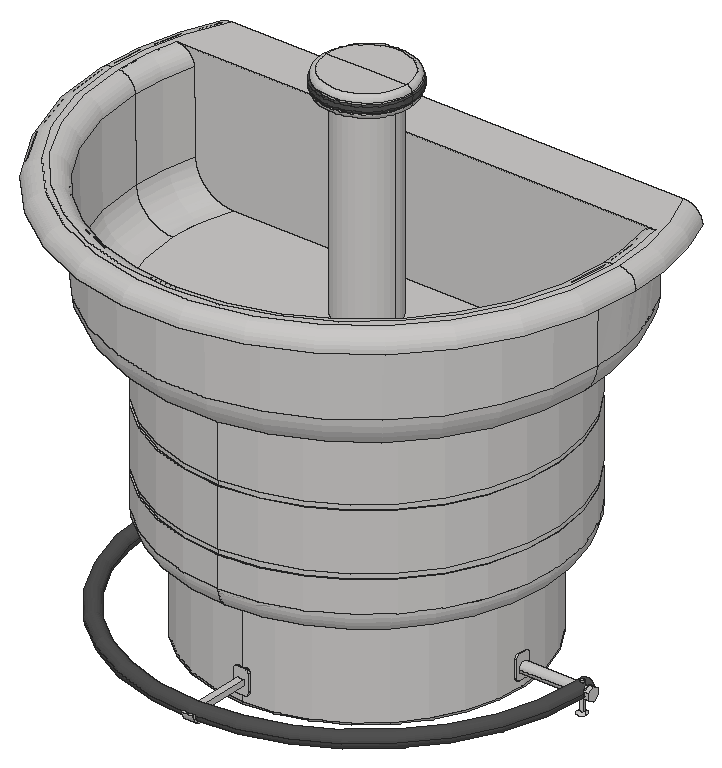
Revit family "Washfountain_Lavatory-Bradley_Corp-WF2703-Type_B_Drain", category Plumbing Fixtures, Revit 2012
Parameters
  Width = 36.000"
  Warranty Information = ""
  WFU = 0
  Voltage = 110 V
  Version = "2.0"
  Vent Radius = Vent / 2  # 3/4"
  Vent = 1 1/2"
  URL = "http://www.bradleycorp.com/"
  Towel Dispenser Holder [instance] = if((Soap Dispenser), 4.875", 13.375")  # 13.375"
  Towel Dispenser Height [instance] = if((Sensor Module), 50.750", 47.250")  # 47.250"
  TouchTime® Control [instance] = no
  Technical Data = "n/a"
  Supply Height [instance] = if(and(Sensor Module, Soap Dispenser, Towel Dispenser), 67.063", if(and(Sensor Module, Soap Dispenser, No Towel Dispenser), 45.875", if(and(Sensor Module, No Soap Dispenser, No Towel Dispenser), 37.375", if(and(Sensor Module, No Soap Dispenser, Towel Dispenser), 67.063", if(and(No Sensor Module, No Soap Dispenser, No Towel Dispenser), 33.875", if(and(No Sensor Module, No Soap Dispenser, Towel Dispenser), 63.563", if(and(No Sensor Module, Soap Dispenser, No Towel Dispenser), 42.375", 63.563")))))))  # 33.875"
  Spray Head Height = 33.875"
  Specifications URL = "http://www.bradleycorp.com/3partspec"
  Soap Dispenser Holder [instance] = 2.500"  # constant formula
  Soap Dispenser Height [instance] = if((Sensor Module), 45.875", 42.375")  # 42.375"
  Sensor Module Height = 37.375"
  Sensor Module [instance] = not(Foot Control Valve)  # no
  Rim Height = 28.000"
  Product Tech Data URL - Spanish = ""
  Product Tech Data URL - French = ""
  Product Tech Data URL - English = "http://bradleycorp.com/download/2241/2017.pdf"
  Pedestal Material = Metal - Bradley Corp - Stainless Steel - Satin
  Pedestal Height = 19.000"
  Operating Water Pressure Range = "20 - 80 PSI"
  OmniClass Table 23 Title = "Sinks/Lavatories"
  OmniClass Table 23 Number = "23-31 13 00"
  OmniClass Table 21 Title = "Plumbing Fixtures"
  OmniClass Table 21 Number = "21-04 20 10 60"
  No Towel Dispenser [instance] = not(Towel Dispenser)  # yes
  No Soap Dispenser [instance] = not(Soap Dispenser)  # yes
  No Sensor Module [instance] = not(Sensor Module)  # yes
  Modeling Code = ""
  Model = "WF2703"
  Material Note = ""
  MasterFormat Title = "Commercial Lavatories and Sinks"
  MasterFormat Number = "22 42 16"
  Manufacturer = "Bradley Corp"
  Industry Standards = ""
  Hot Lavatory Inlet Radius = Hot Lavatory Inlet / 2  # 1/4"
  Hot Lavatory Inlet = 1/2"
  HWFU = 0
  Frequency = 50 Hz
  Foot Control Valve [instance] = not(or(TouchTime® Control, Air Valve Hand Control, Adaptive Infrared Activation Control))  # yes
  Flow Rate = 1.25 GPM
  Fire Rating = "n/a"
  Drain Radius = Drain / 2  # 1"
  Drain = 2"
  Description = "Washfountain, 36\" Semi Circular with 9\" Deep Bowl"
  Copyright = "This Model Data is Property of Bradley Corporation"
  Cold Lavatory Inlet Radius = Cold Lavatory Inlet / 2  # 1/4"
  Cold Lavatory Inlet = 1/2"
  CWFU = 0
  Buy American Act = "No"
  Button Visibility [instance] = or(TouchTime® Control, Air Valve Hand Control)  # no
  Bowl Material [instance] = Metal - Bradley Corp - Stainless Steel - Polished
  Assembly Code = "D2010300"
  Air Valve Hand Control [instance] = no
  Adaptive Infrared Activation Control [instance] = no
  ADA Compliant = "Yes"
  Soap Dispenser [instance] = no
  Towel Dispenser [instance] = no
Reference planes (in)
  plane 1 "Center (Front/Back)": y = 0
  plane 2: z = 0
  plane 3 "Center (Left/Right)": x = 0
  plane 4 "Left": x = -18
  plane 5 "Right": x = 18
  plane 6 "Towel Dispenser": z = 47.25
  plane 7 "Soap Dispenser": z = 42.375
  plane 8 "Sensor Module": z = 37.375
  plane 9 "Spray Head": z = 33.875
  plane 10 "Rim Height": z = 28
  plane 11 "Pedestal Height": z = 19
  plane 12: y = -7.6967
  plane 13: z = 36.375
  plane 14 "Front": y = -26.03001
Forms (in)
  Sweep 1, solid, material "Metal - Bradley Corp - Stainless Steel - Polished" <- "Bowl Material", detail levels medium+fine
    path in 3D
      loop
        arc (18.28, -7.75, 28) -> (0, 10.53, 28) -> (-18.28, -7.75, 28) r 18.28
        arc (-18.28, -7.75, 28) -> (0, -26.03, 28) -> (18.28, -7.75, 28) r 18.28
    profile origin (0, -26.03, 28) x (0, 1, 0) y (0, 0, 1)
      loop
        line (16.3333, -9) -> (16.3333, -8.88) -> (5.20078, -8.88)
        arc (5.20078, -8.88) -> (3.4987, -8.21109) -> (2.70744, -6.56231) r 2.5
        line (2.70744, -6.56231) -> (2.65999, -1.125)
        arc (2.65999, -1.125) -> (2.33049, -0.3295) -> (1.53499, 0.00011) r 1.125
        line (1.53499, 0.00011) -> (1.12499, 0)
        arc (1.12499, 0) -> (0.3295, -0.3295) -> (-0.00001, -1.125) r 1.125
        line (-0.00001, -1.125) -> (0.11999, -1.125)
        arc (0.11999, -1.125) -> (0.41435, -0.41436) -> (1.12499, -0.11989) r 1.005
        line (1.12499, -0.11989) -> (1.53499, -0.12025)
        arc (1.53499, -0.12025) -> (2.24563, -0.41461) -> (2.53999, -1.12525) r 1.005
        line (2.53999, -1.12525) -> (2.58748, -6.56717)
        arc (2.58748, -6.56717) -> (3.41556, -8.29765) -> (5.20078, -9) r 2.62
        line (5.20078, -9) -> (16.3333, -9)
  Extrusion 2, void
    sketch origin (0, 0, 28) x (-1, 0, 0) y (0, -1, 0)
      loop
        line (18, -14) -> (18, 0) -> (-18, 0) -> (-18, -14) -> (18, -14)
    from -28 to 5.875
  Sweep 3, solid, material "Metal - Bradley Corp - Stainless Steel - Polished" <- "Bowl Material", detail levels coarse
    path in 3D
      loop
        arc (18.28, -7.75, 28) -> (0, 10.53, 28) -> (-18.28, -7.75, 28) r 18.28
        arc (-18.28, -7.75, 28) -> (0, -26.03, 28) -> (18.28, -7.75, 28) r 18.28
    profile origin (0, -26.03, 28) x (0, 1, 0) y (0, 0, 1)
      loop
        line (0, 0) -> (0, -1.125) -> (0.12, -1.125) -> (0.12, -0.12) -> (2.53999, -0.12) -> (2.53999, -9) -> (16.3333, -9) -> (16.3333, -8.88) -> (2.65999, -8.88) -> (2.65999, 0) -> (0, 0)
  Revolve 4, solid, material "Metal - Bradley Corp - Stainless Steel - Satin" <- "Pedestal Material", detail levels medium+fine
    sketch origin (0, 0, 0) x (0, 1, 0) y (0, 0, 1)
      loop
        line (-20.25001, 10.34788) -> (-20.17078, 10.34788) -> (-20.17078, 9.97288) -> (-20.25001, 9.97288) -> (-20.25001, 7.88979)
        arc (-20.25001, 7.88979) -> (-19.80162, 6.80727) -> (-18.7191, 6.35887) r 1.53091
        line (-18.7191, 6.35887) -> (-7.6967, 6.35887) -> (-7.6967, 19) -> (-20.25001, 19) -> (-20.25001, 14.53538) -> (-20.16608, 14.53538) -> (-20.16608, 14.16038) -> (-20.25001, 14.16038) -> (-20.25001, 10.34788)
      axis (-7.6967, 19) -> (-7.6967, 6.35887)
    angle from 0 to 360
  Revolve 5, solid, material "Metal - Bradley Corp - Stainless Steel - Satin" <- "Pedestal Material", detail levels coarse
    sketch origin (0, 0, 0) x (0, 1, 0) y (0, 0, 1)
      loop
        line (-20.25001, 19) -> (-20.25001, 6.35887) -> (-7.6967, 6.35887) -> (-7.6967, 19) -> (-20.25001, 19)
      axis (-7.6967, 19) -> (-7.6967, 6.35887)
    angle from 0 to 360
  Revolve 6, solid, material "Metal - Bradley Corp - Stainless Steel - Satin"
    sketch origin (0, 0, 0) x (0, 1, 0) y (0, 0, 1)
      loop
        arc (-18.18806, 0.1416) -> (-18.14659, 0.04147) -> (-18.04646, 0) r 0.1416
        line (-18.04646, 0) -> (-7.6967, 0) -> (-7.6967, 6.35887) -> (-17.97405, 6.35888) -> (-17.97405, 6.04595) -> (-18.18806, 6.04595) -> (-18.18806, 0.1416)
      axis (-7.6967, 6.35888) -> (-7.6967, 0)
    angle from 0 to 360
  Revolve 7, solid, material "Metal - Bradley Corp - Stainless Steel - Satin", detail levels medium+fine
    sketch origin (-3, -7.6967, 33.875) x (1, 0, 0) y (0, 0, 1)
      loop
        arc (0.31013, 0) -> (0.06618, -0.10105) -> (-0.03487, -0.345) r 0.345
        line (-0.03487, -0.345) -> (-0.03487, -0.44471)
        arc (-0.03487, -0.44471) -> (-0.09873, -0.47343) -> (-0.12487, -0.53838) r 0.09375
        line (-0.12487, -0.53838) -> (-0.12487, -0.85088)
        arc (-0.12487, -0.85088) -> (-0.09873, -0.91583) -> (-0.03487, -0.94456) r 0.09375
        line (-0.03487, -0.94456) -> (-0.03487, -1.04463)
        arc (-0.03487, -1.04463) -> (0.06618, -1.28859) -> (0.31013, -1.38963) r 0.345
        line (0.31013, -1.38963) -> (1.00013, -1.38963) -> (1.00013, -14.875) -> (3, -14.875) -> (3, 0) -> (0.31013, 0)
      axis (3, 0) -> (3, -14.875)
    angle from 0 to 360
  Revolve 8, solid, material "Metal - Bradley Corp - Stainless Steel - Satin", detail levels coarse
    sketch origin (-3, -7.6967, 33.875) x (1, 0, 0) y (0, 0, 1)
      loop
        line (-0.12487, -0.44471) -> (-0.12487, -0.94456) -> (0.31085, -1.38963) -> (1.00013, -1.38963) -> (1.00013, -14.875) -> (3, -14.875) -> (3, 0.00012) -> (0.31013, 0.00012) -> (-0.12487, -0.44471)
      axis (3, 0.00012) -> (3, -14.875)
    angle from 0 to 360
  Revolve 9, solid, material "Metal - Bradley Corp - Stainless Steel - Satin", visible <- "Sensor Module", detail levels fine
    sketch origin (-3, -7.6967, 37.375) x (1, 0, 0) y (0, 0, 1)
      loop
        arc (-1.45317, -0.20636) -> (-1.54025, -0.24993) -> (-1.57537, -0.34075) r 0.135
        line (-1.57537, -0.34075) -> (-1.57537, -0.56538) -> (-1.49987, -0.56538) -> (-1.49987, -1.98683)
        arc (-1.49987, -1.98683) -> (-1.48077, -2.08267) -> (-1.42639, -2.16387) r 0.25
        line (-1.42639, -2.16387) -> (-0.82283, -2.76742)
        arc (-0.82283, -2.76742) -> (-0.74182, -2.82142) -> (-0.64632, -2.84038) r 0.25
        line (-0.64632, -2.84038) -> (1.00013, -2.84038) -> (1.00013, -3.5) -> (3, -3.5) -> (3, 0) -> (0.90513, 0) -> (-1.45612, -0.2063)
      axis (3, 0) -> (3, -3.5)
    angle from 0 to 360
  Revolve 10, solid, material "Metal - Bradley Corp - Stainless Steel - Satin", visible <- "Sensor Module", detail levels coarse+medium
    sketch origin (-3, -7.6967, 37.375) x (1, 0, 0) y (0, 0, 1)
      loop
        line (-1.57537, -2.01488) -> (-0.74987, -2.84038) -> (1.00013, -2.84038) -> (1.00013, -3.5) -> (3, -3.5) -> (3, 0) -> (-1.57537, 0) -> (-1.57537, -2.01488)
      axis (3, 0) -> (3, -3.5)
    angle from 0 to 360
  Revolve 11, solid, material "Metal - Bradley Corp - Stainless Steel - Satin", visible <- "Soap Dispenser", detail levels fine
    sketch origin (-3, -7.6967, 42.375) x (1, 0, 0) y (0, 0, 1)
      loop
        line (-3.01408, -1.64235) -> (-2.98301, -1.64235) -> (-2.98301, -2.89235) -> (-2.93039, -2.89235) -> (-2.93039, -4.14235) -> (-2.87777, -4.14235) -> (-2.87777, -5.39235) -> (-2.81, -5.39235) -> (-2.81, -6) -> (3, -6) -> (3, 0) -> (-1.15684, 0)
        arc (-1.15684, 0) -> (-2.16098, -0.12055) -> (-3.13971, -0.37529) r 7.48917
        line (-3.13971, -0.37529) -> (-3.13971, -1.00047) -> (-3.01408, -1.00047) -> (-3.01408, -1.64235)
      axis (3, 0) -> (3, -6)
    angle from 360 to 180
  Revolve 12, solid, material "Metal - Bradley Corp - Stainless Steel - Satin", visible <- "Soap Dispenser", detail levels coarse+medium
    sketch origin (-3, -7.6967, 42.375) x (1, 0, 0) y (0, 0, 1)
      loop
        line (-3.13971, -1.00047) -> (-2.81, -6) -> (3, -6) -> (3, -1.00047) -> (-3.13971, -1.00047)
      axis (3, -1.00047) -> (3, -6)
    angle from 360 to 180
  Extrusion 13, solid, material "Metal - Bradley Corp - Stainless Steel - Satin", visible <- "Soap Dispenser", detail levels fine
    sketch origin (-3, -7.6967, 42.375) x (1, 0, 0) y (0, 0, 1)
      loop
        line (-3.01408, -1.64235) -> (-2.98301, -1.64235) -> (-2.98301, -2.89235) -> (-2.93039, -2.89235) -> (-2.93039, -4.14235) -> (-2.87777, -4.14235) -> (-2.87777, -5.39235) -> (-2.81, -5.39235) -> (-2.81, -6) -> (8.81, -6) -> (8.81, -5.39235) -> (8.87777, -5.39235) -> (8.87777, -4.14235) -> (8.93039, -4.14235) -> (8.93039, -2.89235) -> (8.98301, -2.89235) -> (8.98301, -1.64235) -> (9.01408, -1.64235) -> (9.01408, -1.00047) -> (9.13971, -1.00047) -> (9.13971, -0.37529)
        arc (9.13971, -0.37529) -> (8.16098, -0.12055) -> (7.15684, 0) r 7.48917
        line (7.15684, 0) -> (-1.15684, 0)
        arc (-1.15684, 0) -> (-2.16098, -0.12055) -> (-3.13971, -0.37529) r 7.48917
        line (-3.13971, -0.37529) -> (-3.13971, -1.00047) -> (-3.01408, -1.00047) -> (-3.01408, -1.64235)
    from 0 to -2.25
  Extrusion 14, solid, material "Metal - Bradley Corp - Stainless Steel - Satin", visible <- "Soap Dispenser", detail levels coarse+medium
    sketch origin (-3, -7.6967, 42.375) x (1, 0, 0) y (0, 0, 1)
      loop
        line (-3.13971, -1.00047) -> (-2.81, -6) -> (8.81, -6) -> (9.13971, -1.00047) -> (-3.13971, -1.00047)
    from 0 to -2.25
  Extrusion 15, solid, material "Metal - Bradley Corp - Stainless Steel - Satin", visible <- "Towel Dispenser"
    sketch origin (0, 0, 47.25) x (-1, 0, 0) y (0, -1, 0)
      loop
        line (0.06458, 14.08484) -> (-0.06458, 14.08484) -> (-5.56458, 4.55856) -> (-5.5, 4.4467) -> (5.5, 4.4467) -> (5.56458, 4.55856) -> (0.06458, 14.08484)
      loop
        circle (0, 7.6967) r 2
    from 14.62567 to 14.12567
  Extrusion 16, solid, material "Metal - Bradley Corp - Stainless Steel - Satin", visible <- "Towel Dispenser"
    sketch origin (-0.06458, -14.08484, 47.25) x (0, 0, 1) y (-0.866025, -0.5, 0)
      loop
        line (0, 0) -> (15.313, 0) -> (14.62567, 4) -> (1.37502, 4) -> (0, 1.75) -> (0, 0)
    from 0 to -11
  Extrusion 17, solid, material "Metal - Bradley Corp - Stainless Steel - Satin", visible <- "Towel Dispenser"
    sketch origin (5.56458, -4.55856, 47.25) x (0, 0, 1) y (0.866025, -0.5, 0)
      loop
        line (0, 0) -> (15.313, 0) -> (14.62567, 4) -> (1.37502, 4) -> (0, 1.75) -> (0, 0)
    from 0 to -11
  Extrusion 18, solid, material "Metal - Bradley Corp - Stainless Steel - Satin", visible <- "Towel Dispenser"
    sketch origin (0, 0, 47.25) x (-1, 0, 0) y (0, -1, 0)
      loop
        line (0.06458, 14.08484) -> (-0.06458, 14.08484) -> (-5.56458, 4.55856) -> (-5.5, 4.4467) -> (5.5, 4.4467) -> (5.56458, 4.55856) -> (0.06458, 14.08484)
      loop
        circle (0, 7.6967) r 2
    from 1.0786 to 1.5786
  Extrusion 19, solid, material "Metal - Bradley Corp - Stainless Steel - Satin", visible <- "Towel Dispenser"
    sketch origin (0, 0, 47.25) x (-1, 0, 0) y (0, -1, 0)
      loop
        circle (0, 7.6967) r 2
    from -13.375 to 16.313
  Extrusion 20, solid, material "Metal - Bradley Corp - Stainless Steel - Satin", visible <- "Soap Dispenser"
    sketch origin (0, 0, 42.375) x (-1, 0, 0) y (0, -1, 0)
      loop
        circle (0, 7.6967) r 2
    from -6 to -8.5
  Extrusion 21, solid, material "Metal - Bradley Corp - Stainless Steel - Polished", detail levels medium+fine
    sketch origin (0, 0, 28) x (-1, 0, 0) y (0, -1, 0)
      loop
        circle (-4, 7.6967) r 1.75
      loop
        circle (-4, 7.6967) r 0.1842
      loop
        circle (-4, 6.81899) r 0.1842
      loop
        circle (-3.12229, 7.6967) r 0.1842
      loop
        circle (-4, 8.57441) r 0.1842
      loop
        circle (-4.87771, 7.6967) r 0.1842
      loop
        circle (-4.62063, 7.07606) r 0.1842
      loop
        circle (-3.37937, 7.07606) r 0.1842
      loop
        circle (-3.37937, 8.31733) r 0.1842
      loop
        circle (-4.62063, 8.31733) r 0.1842
    from -8.88 to -8.93903
  Extrusion 22, void
    sketch origin (0, 0, 28) x (-1, 0, 0) y (0, -1, 0)
      loop
        circle (-4, 7.6967) r 1.75
    from -9 to -5.94946
  Sweep 23, solid, material "Plastic - Bradley Corp - Black", visible <- "Foot Control Valve"
    path in 3D
      loop
        line (15.00846, -7.1967, 0) -> (15.00846, -7.6967, 0)
        arc (15.00846, -7.6967, 0) -> (0, -22.70516, 0) -> (-15.00846, -7.6967, 0) r 15.00846
        line (-15.00846, -7.6967, 0) -> (-15.00846, -7.1967, 0)
    profile origin (-15.00846, -7.4467, 0) x (-1, 0, 0) y (0, 0, 1)
      loop
        circle (-0.5, 1.42499) r 0.49941
  Extrusion 24, solid, material "Metal - Bradley Corp - Stainless Steel - Satin", visible <- "Foot Control Valve", detail levels medium+fine
    sketch origin (0, 0, 0) x (0, 1, 0) y (0, 0, 1)
      loop
        line (-7.37851, 1.63949) -> (-7.75001, 1.85397) -> (-8.12151, 1.63949) -> (-8.12151, 1.21051) -> (-7.75001, 0.99603) -> (-7.37851, 1.21051) -> (-7.37851, 1.63949)
    from -15.32813 to -15.01563
  Extrusion 25, solid, material "Metal - Bradley Corp - Stainless Steel - Satin", visible <- "Foot Control Valve", detail levels medium+fine
    sketch origin (0, 0, 0) x (0, 1, 0) y (0, 0, 1)
      loop
        line (-7.75001, 1.85397) -> (-8.12151, 1.63948) -> (-8.12151, 1.21051) -> (-7.75001, 0.99603) -> (-7.37851, 1.21051) -> (-7.37851, 1.63949) -> (-7.75001, 1.85397)
    from 15.37923 to 15.04349
  Extrusion 26, solid, material "Metal - Bradley Corp - Stainless Steel - Satin", visible <- "Foot Control Valve"
    sketch origin (0, 0, 0) x (0, 1, 0) y (0, 0, 1)
      loop
        circle (-7.75001, 1.425) r 0.3715
    from -15.01563 to -10.61637
  Extrusion 27, solid, material "Metal - Bradley Corp - Stainless Steel - Satin", visible <- "Foot Control Valve"
    sketch origin (0, 0, 0) x (0, 1, 0) y (0, 0, 1)
      loop
        circle (-7.75001, 1.42499) r 0.3715
    from 10.61637 to 15.04349
  Extrusion 28, solid, material "Metal - Bradley Corp - Stainless Steel - Satin", visible <- "Foot Control Valve", detail levels fine
    sketch origin (0, 0, 0) x (1, 0, 0) y (0, 1, 0)
      loop
        circle (-14.57813, -7.6967) r 0.12
      loop
        circle (14.57813, -7.6967) r 0.12
    from 0.1445 to 1.99999
  Blend 29, solid, material "Metal - Bradley Corp - Stainless Steel - Satin", visible <- "Foot Control Valve", detail levels fine
    base sketch origin (0, 0, 0) x (1, 0, 0) y (0, 1, 0)
      loop
        circle (-14.57813, -7.6967) r 0.12
    top sketch origin (0, 0, 0) x (1, 0, 0) y (0, 1, 0)
      loop
        circle (-14.57813, -7.6967) r 0.327
    from 0.1445 to 0
  Blend 30, solid, material "Metal - Bradley Corp - Stainless Steel - Satin", visible <- "Foot Control Valve", detail levels fine
    base sketch origin (0, 0, 0) x (1, 0, 0) y (0, 1, 0)
      loop
        circle (14.57813, -7.6967) r 0.12
    top sketch origin (0, 0, 0) x (1, 0, 0) y (0, 1, 0)
      loop
        circle (14.57813, -7.6967) r 0.327
    from 0.1445 to 0
  Extrusion 31, solid, material "Metal - Bradley Corp - Stainless Steel - Satin", visible <- "Foot Control Valve"
    sketch origin (0, 0, 0) x (0, 1, 0) y (0, 0, 1)
      loop
        line (-7.25001, 0.921) -> (-7.25001, 2.046)
        arc (-7.25001, 2.046) -> (-7.32323, 2.22278) -> (-7.50001, 2.296) r 0.25
        line (-7.50001, 2.296) -> (-8.00001, 2.296)
        arc (-8.00001, 2.296) -> (-8.17679, 2.22278) -> (-8.25001, 2.046) r 0.25
        line (-8.25001, 2.046) -> (-8.25001, 0.921)
        arc (-8.25001, 0.921) -> (-8.17679, 0.74422) -> (-8.00001, 0.671) r 0.25
        line (-8.00001, 0.671) -> (-7.50001, 0.671)
        arc (-7.50001, 0.671) -> (-7.32323, 0.74422) -> (-7.25001, 0.921) r 0.25
    from -10.61637 to -10.49137
  Extrusion 32, solid, material "Metal - Bradley Corp - Stainless Steel - Satin", visible <- "Foot Control Valve"
    sketch origin (0, 0, 0) x (0, 1, 0) y (0, 0, 1)
      loop
        line (-7.50001, 2.296) -> (-8.00001, 2.296)
        arc (-8.00001, 2.296) -> (-8.17679, 2.22278) -> (-8.25001, 2.046) r 0.25
        line (-8.25001, 2.046) -> (-8.25001, 0.921)
        arc (-8.25001, 0.921) -> (-8.17679, 0.74422) -> (-8.00001, 0.671) r 0.25
        line (-8.00001, 0.671) -> (-7.50001, 0.671)
        arc (-7.50001, 0.671) -> (-7.32323, 0.74422) -> (-7.25001, 0.921) r 0.25
        line (-7.25001, 0.921) -> (-7.25001, 2.046)
        arc (-7.25001, 2.046) -> (-7.32323, 2.22278) -> (-7.50001, 2.296) r 0.25
    from 10.49137 to 10.61637
  Extrusion 33, solid, material "Metal - Bradley Corp - Stainless Steel - Satin", visible <- "Foot Control Valve", detail levels fine
    sketch origin (0, 0, 0) x (0, 1, 0) y (0, 0, 1)
      loop
        arc (-22.70153, 1.42499) -> (-22.75153, 1.47499) -> (-22.80153, 1.42499) r 0.05
        arc (-22.80153, 1.42499) -> (-22.10066, 0.83423) -> (-21.63707, 1.62499) r 0.59941
        line (-21.63707, 1.62499) -> (-21.74452, 1.62499)
        arc (-21.74452, 1.62499) -> (-22.09997, 0.93614) -> (-22.70153, 1.42499) r 0.49941
    from -0.40046 to 0.4
  Extrusion 34, solid, material "Metal - Bradley Corp - Stainless Steel - Satin", visible <- "Foot Control Valve", detail levels fine
    sketch origin (0, 0, 0) x (0, 1, 0) y (0, 0, 1)
      loop
        arc (-21.63707, 1.62499) -> (-21.60272, 1.42499) -> (-21.63707, 1.22499) r 0.59941
        line (-21.63707, 1.22499) -> (-18.31306, 1.22499) -> (-18.31306, 1.62499) -> (-21.63707, 1.62499)
    from -0.2 to 0.2
  Extrusion 35, solid, material "Default", not visible, detail levels fine
    sketch origin (0, 0, 0) x (1, 0, 0) y (0, 1, 0)
      loop
        circle (0, -7.6967) r 0.75
      loop
        circle (-0.875, -6.5) r 0.25
      loop
        circle (0.875, -6.5) r 0.25
    from 0 to 33.875
  Extrusion 36, solid, material "Metal - Bradley Corp - Stainless Steel - Satin", not visible, detail levels fine
    sketch origin (0, 0, 0) x (1, 0, 0) y (0, 1, 0)
      loop
        circle (-4, -7.75) r 1
    from 0 to 3
  Extrusion 37, solid, material "Default", not visible, detail levels fine
    sketch origin (-3, -7.6967, 42.375) x (1, 0, 0) y (0, 0, 1)
      loop
        line (-0.5, -30.304) -> (-1.5, -30.304) -> (-1.5, -32.304) -> (-0.5, -32.304) -> (-0.5, -30.304)
    from -7.6967 to -4.6967
  Extrusion 38, solid, material "Metal - Bradley Corp - Stainless Steel - Satin", visible <- "Foot Control Valve", detail levels fine
    sketch origin (0, 0, 0) x (1, 0, 0) y (0, 0, 1)
      loop
        arc (-0.5, 0.921) -> (-0.42678, 0.74422) -> (-0.25, 0.671) r 0.25
        line (-0.25, 0.671) -> (0.25, 0.671)
        arc (0.25, 0.671) -> (0.42678, 0.74422) -> (0.5, 0.921) r 0.25
        line (0.5, 0.921) -> (0.5, 2.046)
        arc (0.5, 2.046) -> (0.42678, 2.22278) -> (0.25, 2.296) r 0.25
        line (0.25, 2.296) -> (-0.25, 2.296)
        arc (-0.25, 2.296) -> (-0.42678, 2.22278) -> (-0.5, 2.046) r 0.25
        line (-0.5, 2.046) -> (-0.5, 0.921)
    from 18.18806 to 18.31306
  Revolve 39, solid, material "Plastic - Bradley Corp - Black", visible <- "Soap Dispenser", detail levels coarse+medium
    sketch origin (-3, -7.6967, 42.375) x (1, 0, 0) y (0, 0, 1)
      loop
        line (3, 0) -> (-3.20569, 0) -> (-3.13971, -1.00047) -> (3, -1.00047) -> (3, 0)
      axis (3, 0) -> (3, -1.00047)
    angle from 180 to 360
  Extrusion 40, solid, material "Plastic - Bradley Corp - Black", visible <- "Soap Dispenser", detail levels coarse+medium
    sketch origin (-3, -7.6967, 42.375) x (1, 0, 0) y (0, 0, 1)
      loop
        line (-3.13971, -1.00047) -> (9.13971, -1.00047) -> (9.20569, 0) -> (-3.20569, 0) -> (-3.13971, -1.00047)
    from 0 to -2.25
  Extrusion 41, solid, material "Metal - Bradley Corp - Stainless Steel - Polished", visible <- "Button Visibility"
    sketch origin (-3, -7.6967, 37.375) x (1, 0, 0) y (0, 0, 1)
      loop
        circle (3, -1.29013) r 0.5
    from 4.57537 to 4.97537
  Extrusion 42, solid, material "Metal - Bradley Corp - Stainless Steel - Polished", visible <- "Button Visibility", detail levels fine
    sketch origin (-3, -7.6967, 37.375) x (1, 0, 0) y (0, 0, 1)
      loop
        circle (3, -1.29013) r 0.25
    from 4.5 to 4.57537
  Extrusion 43, solid, material "Metal - Bradley Corp - Stainless Steel - Polished" <- "Bowl Material", detail levels coarse
    sketch origin (0, 0, 28) x (-1, 0, 0) y (0, -1, 0)
      loop
        arc (-15.02958, 3.496) -> (-14.40216, 1.7033) -> (-13.56179, 0) r 15.62001
        line (-13.56179, 0) -> (13.56179, 0)
        arc (13.56179, 0) -> (14.40216, 1.7033) -> (15.02958, 3.496) r 15.62001
        line (15.02958, 3.496) -> (-15.02958, 3.496)
    from -8.88 to 0
  Extrusion 44, solid, material "Metal - Bradley Corp - Stainless Steel - Polished" <- "Bowl Material", detail levels medium+fine
    sketch origin (0, 0, 28) x (-1, 0, 0) y (0, -1, 0)
      loop
        arc (14.85408, 0) -> (15.7062, 1.70204) -> (16.34242, 3.496) r 15.44001
        line (16.34242, 3.496) -> (-16.34242, 3.496)
        arc (-16.34242, 3.496) -> (-15.7062, 1.70204) -> (-14.85408, 0) r 15.44001
        line (-14.85408, 0) -> (14.85408, 0)
    from -8.88 to 0
  Sweep 45, void
    path in 3D
      loop
        arc (18.28, -7.75, 28) -> (0, 10.53, 28) -> (-18.28, -7.75, 28) r 18.28
        arc (-18.28, -7.75, 28) -> (0, -26.03, 28) -> (18.28, -7.75, 28) r 18.28
    profile origin (0, -26.03, 28) x (0, 1, 0) y (0, 0, 1)
      loop
        line (2.64746, -6.56475) -> (2.59999, -1.12499)
        arc (2.59999, -1.12499) -> (2.28797, -0.37209) -> (1.53499, -0.05989) r 1.065
        line (1.53499, -0.05989) -> (1.12499, -0.06)
        arc (1.12499, -0.06) -> (0.37192, -0.37193) -> (0.05999, -1.125) r 1.065
        line (0.05999, -1.125) -> (0.05999, -9) -> (5.77999, -9) -> (5.77999, -8.94) -> (5.20078, -8.94)
        arc (5.20078, -8.94) -> (3.45713, -8.25437) -> (2.64746, -6.56475) r 2.56
Cuts and joins
  Extrusion 2, Extrusion 22 cuts Sweep 1
  Sweep 45 cuts Extrusion 44
  joined: Sweep 1, Extrusion 44
  Extrusion 2, Extrusion 22 cuts Sweep 3
  joined: Sweep 3, Extrusion 43
  Extrusion 2 cuts Revolve 4
  Extrusion 2 cuts Revolve 5
  Extrusion 2 cuts Revolve 6
  joined: Revolve 11, Extrusion 13
  joined: Revolve 12, Extrusion 14
  joined: Extrusion 26, Extrusion 27
  joined: Revolve 39, Extrusion 40
Lines and regions (in)
  Masking region 1, detail levels medium+fine
    outline origin (-3, -7.6967, 33.875) x (1, 0, 0) y (0, 0, 1)
      loop
        arc (0.31013, 0) -> (0.06618, -0.10105) -> (-0.03487, -0.345) r 0.345
        line (-0.03487, -0.345) -> (-0.03487, -0.44471)
        arc (-0.03487, -0.44471) -> (-0.09873, -0.47343) -> (-0.12487, -0.53838) r 0.09375
        line (-0.12487, -0.53838) -> (-0.12487, -0.85088)
        arc (-0.12487, -0.85088) -> (-0.09873, -0.91583) -> (-0.03487, -0.94456) r 0.09375
        line (-0.03487, -0.94456) -> (-0.03487, -1.04463)
        arc (-0.03487, -1.04463) -> (0.06618, -1.28859) -> (0.31013, -1.38963) r 0.345
        line (0.31013, -1.38963) -> (1.00013, -1.38963) -> (1.00013, -5.875) -> (5.00013, -5.875) -> (5.00013, -1.38963) -> (5.68987, -1.38963)
        arc (5.68987, -1.38963) -> (5.93382, -1.28859) -> (6.03487, -1.04463) r 0.345
        line (6.03487, -1.04463) -> (6.03487, -0.94456)
        arc (6.03487, -0.94456) -> (6.09873, -0.91583) -> (6.12487, -0.85088) r 0.09375
        line (6.12487, -0.85088) -> (6.12487, -0.53838)
        arc (6.12487, -0.53838) -> (6.09873, -0.47343) -> (6.03487, -0.44471) r 0.09375
        line (6.03487, -0.44471) -> (6.03487, -0.34463)
        arc (6.03487, -0.34463) -> (5.93382, -0.10105) -> (5.68987, 0) r 0.345
        line (5.68987, 0) -> (0.31013, 0)
  Masking region 2, detail levels coarse
    outline origin (-3, -7.6967, 33.875) x (1, 0, 0) y (0, 0, 1)
      loop
        line (-0.12487, -0.44471) -> (-0.12487, -0.94456) -> (0.31085, -1.38963) -> (1.00013, -1.38963) -> (1.00013, -5.875) -> (5.00013, -5.875) -> (5.00013, -1.38963) -> (5.68915, -1.38963) -> (6.12487, -0.94456) -> (6.12487, -0.44471) -> (5.68999, 0) -> (0.31001, 0) -> (-0.12487, -0.44471)
  Masking region 3, visible <- "Sensor Module", detail levels coarse+medium
    outline origin (-3, -7.6967, 37.375) x (1, 0, 0) y (0, 0, 1)
      loop
        line (-1.57537, 0) -> (-1.57537, -2.01488) -> (-0.74987, -2.84038) -> (1.00013, -2.84038) -> (1.00013, -3.5) -> (4.99987, -3.5) -> (4.99987, -2.84038) -> (6.74987, -2.84038) -> (7.57537, -2.01488) -> (7.57537, 0) -> (-1.57537, 0)
  Masking region 4, visible <- "Sensor Module", detail levels fine
    outline origin (-3, -7.6967, 37.375) x (1, 0, 0) y (0, 0, 1)
      loop
        arc (-1.45317, -0.20636) -> (-1.54025, -0.24993) -> (-1.57537, -0.34075) r 0.135
        line (-1.57537, -0.34075) -> (-1.57537, -0.56538) -> (-1.49987, -0.56538) -> (-1.49987, -1.98683)
        arc (-1.49987, -1.98683) -> (-1.48077, -2.08267) -> (-1.42639, -2.16387) r 0.25
        line (-1.42639, -2.16387) -> (-0.82283, -2.76742)
        arc (-0.82283, -2.76742) -> (-0.74182, -2.82142) -> (-0.64632, -2.84038) r 0.25
        line (-0.64632, -2.84038) -> (1.00013, -2.84038) -> (1.00013, -3.5) -> (4.99987, -3.5) -> (4.99987, -2.84038) -> (6.64632, -2.84038)
        arc (6.64632, -2.84038) -> (6.74182, -2.82142) -> (6.82283, -2.76742) r 0.25
        line (6.82283, -2.76742) -> (7.42639, -2.16387)
        arc (7.42639, -2.16387) -> (7.48077, -2.08267) -> (7.49987, -1.98683) r 0.25
        line (7.49987, -1.98683) -> (7.49987, -0.56538) -> (7.57537, -0.56538) -> (7.57537, -0.34075)
        arc (7.57537, -0.34075) -> (7.54025, -0.24993) -> (7.45317, -0.20636) r 0.135
      loop
        line (7.45612, -0.2063) -> (5.09487, 0) -> (0.90513, 0) -> (-1.45612, -0.2063)
  Masking region 5, visible <- "Soap Dispenser", detail levels coarse+medium
    outline origin (-3, -7.6967, 42.375) x (1, 0, 0) y (0, 0, 1)
      loop
        line (-3.20569, 0) -> (-2.81, -6) -> (8.81, -6) -> (9.20569, 0) -> (-3.20569, 0)
  Masking region 6, visible <- "Soap Dispenser", detail levels fine
    outline origin (-3, -7.6967, 42.375) x (1, 0, 0) y (0, 0, 1)
      loop
        line (-3.01408, -1.64235) -> (-2.98301, -1.64235) -> (-2.98301, -2.89235) -> (-2.93039, -2.89235) -> (-2.93039, -4.14235) -> (-2.87777, -4.14235) -> (-2.87777, -5.39235) -> (-2.81, -5.39235) -> (-2.81, -6) -> (8.81, -6) -> (8.81, -5.39235) -> (8.87777, -5.39235) -> (8.87777, -4.14235) -> (8.93039, -4.14235) -> (8.93039, -2.89235) -> (8.98301, -2.89235) -> (8.98301, -1.64235) -> (9.01408, -1.64235) -> (9.01408, -1.00047) -> (9.13971, -1.00047) -> (9.13971, -0.37529)
        arc (9.13971, -0.37529) -> (8.16098, -0.12055) -> (7.15684, 0) r 7.48917
        line (7.15684, 0) -> (-1.15684, 0)
        arc (-1.15684, 0) -> (-2.16098, -0.12055) -> (-3.13971, -0.37529) r 7.48917
        line (-3.13971, -0.37529) -> (-3.13971, -1.00047) -> (-3.01408, -1.00047) -> (-3.01408, -1.64235)
  Masking region 7, visible <- "Soap Dispenser", detail levels fine
    outline origin (0, -4.6967, 42.375) x (0, -1, 0) y (0, 0, 1)
      loop
        line (9.01313, -1.64235) -> (9.01313, -1.00047) -> (9.13876, -1.00047) -> (9.13876, -0.37529)
        arc (9.13876, -0.37529) -> (8.16002, -0.12055) -> (7.15589, 0) r 7.48917
        line (7.15589, 0) -> (0.75, 0) -> (0.75, -6) -> (8.80905, -6) -> (8.80905, -5.39235) -> (8.87682, -5.39235) -> (8.87682, -4.14235) -> (8.92944, -4.14235) -> (8.92944, -2.89235) -> (8.98206, -2.89235) -> (8.98206, -1.64235) -> (9.01313, -1.64235)
  Masking region 8, visible <- "Soap Dispenser", detail levels coarse+medium
    outline origin (0, -4.6967, 42.375) x (0, -1, 0) y (0, 0, 1)
      loop
        line (0.75, 0) -> (0.75, -6) -> (8.80905, -6) -> (9.20569, 0) -> (0.75, 0)
  Masking region 9, visible <- "Sensor Module", detail levels coarse+medium
    outline origin (0, -4.6967, 37.375) x (0, -1, 0) y (0, 0, 1)
      loop
        line (-1.57537, 0) -> (-1.57537, -2.01488) -> (-0.74987, -2.84038) -> (1, -2.84038) -> (1, -3.5) -> (4.99987, -3.5) -> (4.99987, -2.84038) -> (6.74987, -2.84038) -> (7.57537, -2.01488) -> (7.57537, 0) -> (-1.57537, 0)
  Masking region 10, visible <- "Sensor Module", detail levels fine
    outline origin (0, -4.6967, 37.375) x (0, -1, 0) y (0, 0, 1)
      loop
        arc (-1.4533, -0.20636) -> (-1.54038, -0.24993) -> (-1.5755, -0.34075) r 0.135
        line (-1.5755, -0.34075) -> (-1.5755, -0.56538) -> (-1.5, -0.56538) -> (-1.5, -1.98683)
        arc (-1.5, -1.98683) -> (-1.4809, -2.08267) -> (-1.42651, -2.16387) r 0.25
        line (-1.42651, -2.16387) -> (-0.82296, -2.76742)
        arc (-0.82296, -2.76742) -> (-0.74195, -2.82142) -> (-0.64645, -2.84038) r 0.25
        line (-0.64645, -2.84038) -> (1, -2.84038) -> (1, -3.5) -> (4.99987, -3.5) -> (4.99987, -2.84038) -> (6.64645, -2.84038)
        arc (6.64645, -2.84038) -> (6.74195, -2.82142) -> (6.82296, -2.76742) r 0.25
        line (6.82296, -2.76742) -> (7.42651, -2.16387)
        arc (7.42651, -2.16387) -> (7.4809, -2.08267) -> (7.5, -1.98683) r 0.25
        line (7.5, -1.98683) -> (7.5, -0.56538) -> (7.5755, -0.56538) -> (7.5755, -0.34075)
        arc (7.5755, -0.34075) -> (7.54038, -0.24993) -> (7.4533, -0.20636) r 0.135
      loop
        line (7.45625, -0.2063) -> (5.095, 0) -> (0.905, 0) -> (-1.45625, -0.2063)
  Masking region 11, detail levels coarse+medium
    outline origin (0, 0, 0) x (0, 1, 0) y (0, 0, 1)
      loop
        line (-10.82157, 33.43029) -> (-10.82157, 32.93044) -> (-10.38585, 32.48537) -> (-9.6967, 32.48537) -> (-9.6967, 28) -> (-5.6967, 28) -> (-5.6967, 32.48537) -> (-5.00754, 32.48537) -> (-4.57183, 32.93044) -> (-4.57183, 33.43029) -> (-5.0067, 33.875) -> (-10.38669, 33.875) -> (-10.82157, 33.43029)
  Masking region 12, detail levels fine
    outline origin (0, -4.6967, 33.875) x (0, -1, 0) y (0, 0, 1)
      loop
        arc (0.31013, 0) -> (0.06618, -0.10105) -> (-0.03487, -0.345) r 0.345
        line (-0.03487, -0.345) -> (-0.03487, -0.44471)
        arc (-0.03487, -0.44471) -> (-0.09873, -0.47343) -> (-0.12487, -0.53838) r 0.09375
        line (-0.12487, -0.53838) -> (-0.12487, -0.85088)
        arc (-0.12487, -0.85088) -> (-0.09873, -0.91583) -> (-0.03487, -0.94456) r 0.09375
        line (-0.03487, -0.94456) -> (-0.03487, -1.04463)
        arc (-0.03487, -1.04463) -> (0.06618, -1.28859) -> (0.31013, -1.38963) r 0.345
        line (0.31013, -1.38963) -> (1.00013, -1.38963) -> (1.00013, -5.875) -> (5, -5.875) -> (5, -1.38963) -> (5.69029, -1.38963)
        arc (5.69029, -1.38963) -> (5.93424, -1.28859) -> (6.03529, -1.04463) r 0.345
        line (6.03529, -1.04463) -> (6.03487, -0.94456)
        arc (6.03487, -0.94456) -> (6.09873, -0.91583) -> (6.12487, -0.85088) r 0.09375
        line (6.12487, -0.85088) -> (6.12487, -0.53838)
        arc (6.12487, -0.53838) -> (6.09873, -0.47343) -> (6.03487, -0.44471) r 0.09375
        line (6.03487, -0.44471) -> (6.03487, -0.34463)
        arc (6.03487, -0.34463) -> (5.93382, -0.10105) -> (5.68987, 0) r 0.345
        line (5.68987, 0) -> (0.31013, 0)
  Masking region 13, detail levels medium+fine
    outline origin (0, 0, 0) x (1, 0, 0) y (0, 0, 1)
      loop
        line (16.875, 28.00019) -> (-16.875, 28.00019)
        arc (-16.875, 28.00019) -> (-17.6705, 27.6705) -> (-18, 26.875) r 1.125
        line (-18, 26.875) -> (-15.46, 26.875) -> (-15.41251, 21.43283)
        arc (-15.41251, 21.43283) -> (-14.58443, 19.70235) -> (-12.79921, 19) r 2.62
        line (-12.79921, 19) -> (12.79921, 19)
        arc (12.79921, 19) -> (14.58443, 19.70235) -> (15.41251, 21.43283) r 2.62
        line (15.41251, 21.43283) -> (15.46, 26.875) -> (18, 26.875)
        arc (18, 26.875) -> (17.6705, 27.6705) -> (16.875, 28.00019) r 1.125
  Masking region 14, detail levels coarse
    outline origin (0, 0, 0) x (1, 0, 0) y (0, 0, 1)
      loop
        line (-18, 26.875) -> (-15.74001, 26.875) -> (-15.74001, 19) -> (15.74001, 19) -> (15.74001, 26.875) -> (18, 26.875) -> (18, 28) -> (-18, 28) -> (-18, 26.875)
  Masking region 15, detail levels medium+fine
    outline origin (-3, -7.6967, 42.375) x (1, 0, 0) y (0, 0, 1)
      loop
        line (15.55331, -32.02712) -> (15.55331, -28.21462) -> (15.46938, -28.21462) -> (15.46938, -27.83962) -> (15.55331, -27.83962) -> (15.55331, -23.375) -> (-9.55331, -23.375) -> (-9.55331, -27.83962) -> (-9.46938, -27.83962) -> (-9.46938, -28.21462) -> (-9.55331, -28.21462) -> (-9.55331, -32.02712) -> (-9.47408, -32.02712) -> (-9.47408, -32.40212) -> (-9.55331, -32.40212) -> (-9.55331, -34.48521)
        arc (-9.55331, -34.48521) -> (-9.10492, -35.56773) -> (-8.0224, -36.01613) r 1.53091
        line (-8.0224, -36.01613) -> (-7.27735, -36.01613) -> (-7.27735, -36.32905) -> (-7.49137, -36.32905) -> (-7.49137, -42.24212)
        arc (-7.49137, -42.24212) -> (-7.44392, -42.34471) -> (-7.33503, -42.375) r 0.13464
        line (-7.33503, -42.375) -> (13.33503, -42.375)
        arc (13.33503, -42.375) -> (13.44392, -42.34471) -> (13.49137, -42.24212) r 0.13464
        line (13.49137, -42.24212) -> (13.49137, -36.32905) -> (13.27736, -36.32905) -> (13.27736, -36.01613) -> (14.0224, -36.01613)
        arc (14.0224, -36.01613) -> (15.10492, -35.56773) -> (15.55331, -34.48521) r 1.53091
        line (15.55331, -34.48521) -> (15.55331, -32.40212) -> (15.47408, -32.40212) -> (15.47408, -32.02712) -> (15.55331, -32.02712)
  Masking region 16, detail levels coarse
    outline origin (-3, -7.6967, 42.375) x (1, 0, 0) y (0, 0, 1)
      loop
        line (-9.55331, -36.01613) -> (-7.49137, -36.01613) -> (-7.49137, -42.375) -> (13.49137, -42.375) -> (13.49137, -36.01612) -> (15.55331, -36.01612) -> (15.55331, -23.375) -> (-9.55331, -23.375) -> (-9.55331, -36.01613)
  Masking region 17, detail levels medium+fine
    outline origin (0, 0, 0) x (0, 1, 0) y (0, 0, 1)
      loop
        line (0, 19) -> (0, 28) -> (-24.90501, 28)
        arc (-24.90501, 28) -> (-25.70051, 27.6705) -> (-26.03001, 26.875) r 1.125
        line (-26.03001, 26.875) -> (-23.49001, 26.875) -> (-23.44252, 21.43283)
        arc (-23.44252, 21.43283) -> (-22.61444, 19.70235) -> (-20.82922, 19) r 2.62
        line (-20.82922, 19) -> (0, 19)
  Masking region 18, detail levels coarse
    outline origin (0, 0, 0) x (0, 1, 0) y (0, 0, 1)
      loop
        line (0, 28) -> (-26.03, 28) -> (-26.03, 26.875) -> (-23.49001, 26.875) -> (-23.49001, 19) -> (0, 19) -> (0, 28)
  Masking region 19, detail levels coarse
    outline origin (0, 0, 0) x (0, 1, 0) y (0, 0, 1)
      loop
        line (-20.25001, 19) -> (-20.25001, 6.35888) -> (-18.18806, 6.35888) -> (-18.18806, 0) -> (0, 0) -> (0, 19) -> (-20.25001, 19)
  Masking region 20, detail levels medium+fine
    outline origin (0, 0, 0) x (0, 1, 0) y (0, 0, 1)
      loop
        line (-20.25001, 10.34788) -> (-20.17078, 10.34788) -> (-20.17078, 9.97288) -> (-20.25001, 9.97288) -> (-20.25001, 7.88979)
        arc (-20.25001, 7.88979) -> (-19.80162, 6.80727) -> (-18.7191, 6.35888) r 1.53091
        line (-18.7191, 6.35888) -> (-17.97405, 6.35888) -> (-17.97405, 6.04595) -> (-18.18806, 6.04595) -> (-18.18806, 0.14849)
        arc (-18.18806, 0.14849) -> (-18.14754, 0.04378) -> (-18.04414, 0) r 0.144
        line (-18.04414, 0) -> (0, 0) -> (0, 19) -> (-20.25001, 19) -> (-20.25001, 14.53538) -> (-20.16608, 14.53538) -> (-20.16608, 14.16038) -> (-20.25001, 14.16038) -> (-20.25001, 10.34788)
  Split face 1
    outline origin (-1.58013, -14.95984, 47.25) x (-0.73896, -0.426639, 0.521456) y (-0.5, 0.866025, 0)
      loop
        line (2.06845, 1.5) -> (2.06845, 9.5)
        arc (2.06845, 9.5) -> (1.31845, 10.25) -> (0.56845, 9.5) r 0.75
        line (0.56845, 9.5) -> (0.56845, 1.5)
        arc (0.56845, 1.5) -> (1.31845, 0.75) -> (2.06845, 1.5) r 0.75
  Split face 2
    outline origin (7.08013, -5.43356, 47.25) x (0.73896, -0.426639, 0.521456) y (-0.5, -0.866025, 0)
      loop
        arc (2.06845, 9.5) -> (1.31845, 10.25) -> (0.56845, 9.5) r 0.75
        line (0.56845, 9.5) -> (0.56845, 1.5)
        arc (0.56845, 1.5) -> (1.31845, 0.75) -> (2.06845, 1.5) r 0.75
        line (2.06845, 1.5) -> (2.06845, 9.5)
  Masking region 21, visible <- "Towel Dispenser"
    outline origin (-3, -7.6967, 42.375) x (1, 0, 0) y (0, 0, 1)
      loop
        line (1, 4.875) -> (1, -8.5) -> (5.00013, -8.5) -> (5.00013, 4.875) -> (1, 4.875)
  Masking region 22, visible <- "Soap Dispenser"
    outline origin (-3, -7.6967, 42.375) x (1, 0, 0) y (0, 0, 1)
      loop
        line (1, -6) -> (1, -8.5) -> (5.00013, -8.5) -> (5.00013, -6) -> (1, -6)
  Masking region 23, visible <- "Soap Dispenser"
    outline origin (0, 0, 0) x (0, 1, 0) y (0, 0, 1)
      loop
        line (-5.6967, 33.875) -> (-5.6967, 36.375) -> (-9.6967, 36.375) -> (-9.6967, 33.875) -> (-5.6967, 33.875)
  Masking region 24, visible <- "Towel Dispenser"
    outline origin (0, 0, 0) x (0, 1, 0) y (0, 0, 1)
      loop
        line (-5.6967, 47.25) -> (-9.6967, 47.25) -> (-9.6967, 33.875) -> (-5.6967, 33.875) -> (-5.6967, 47.25)
  Masking region 25, visible <- "Towel Dispenser"
    outline origin (0, -4.6967, 47.25) x (0, -1, 0) y (0, 0, 1)
      loop
        line (-4.25, 14.62567) -> (-4.25, 1.37502) -> (-2, 0) -> (10.26314, 0) -> (11.38814, 1.37502) -> (11.38814, 14.62567) -> (9.38814, 15.313) -> (5, 15.313) -> (5, 16.313) -> (1, 16.313) -> (1, 15.313) -> (-0.25, 15.313) -> (-4.25, 14.62567)
  Masking region 26, visible <- "Towel Dispenser"
    outline origin (-3, -7.6967, 47.25) x (1, 0, 0) y (0, 0, 1)
      loop
        line (-6.02868, 14.62567) -> (-6.02868, 1.37502) -> (-4.08013, 0) -> (1, 0) -> (5.00013, 0) -> (10.08013, 0) -> (12.02868, 1.37502) -> (12.02868, 14.62567) -> (8.56458, 15.313) -> (5, 15.313) -> (5, 16.313) -> (1, 16.313) -> (1, 15.313) -> (-2.56458, 15.313) -> (-6.02868, 14.62567)
  Masking region 27, visible <- "Foot Control Valve"
    outline origin (0, -27.53001, 0) x (-1, 0, 0) y (0, 0, 1)
      loop
        line (14.50846, 1.9244) -> (-14.50846, 1.9244)
        arc (-14.50846, 1.9244) -> (-15.00787, 1.42499) -> (-14.50846, 0.92558) r 0.49941
        line (-14.50846, 0.92558) -> (-0.4, 0.92558) -> (0.40046, 0.92558) -> (14.50846, 0.92558)
        arc (14.50846, 0.92558) -> (15.00787, 1.42499) -> (14.50846, 1.9244) r 0.49941
  Masking region 28, visible <- "Foot Control Valve", detail levels fine
    outline origin (0, 0, 0) x (1, 0, 0) y (0, 0, 1)
      loop
        line (-10.61637, 2.296) -> (-10.61637, 0.671) -> (-10.49137, 0.671) -> (-10.49137, 2.296) -> (-10.61637, 2.296)
      loop
        line (-14.45813, 1.92186) -> (-14.45813, 1.99999) -> (-14.69813, 1.99999) -> (-14.69813, 1.88698)
        arc (-14.69813, 1.88698) -> (-14.58028, 1.91921) -> (-14.45813, 1.92186) r 0.49941
      loop
        line (-15.01563, 1.7965) -> (-15.01563, 1.85397) -> (-15.32813, 1.85397) -> (-15.32813, 0.99603) -> (-15.01563, 0.99603) -> (-15.01563, 1.0535) -> (-14.84223, 1.0535)
        arc (-14.84223, 1.0535) -> (-15.00787, 1.425) -> (-14.84221, 1.7965) r 0.49941
        line (-14.84221, 1.7965) -> (-15.01563, 1.7965)
      loop
        line (-14.45813, 0.1445) -> (-14.45813, 0.92813)
        arc (-14.45813, 0.92813) -> (-14.58028, 0.93078) -> (-14.69813, 0.963) r 0.49941
        line (-14.69813, 0.963) -> (-14.69813, 0.1445) -> (-14.90513, 0) -> (-14.25113, 0) -> (-14.45813, 0.1445)
      loop
        line (10.61637, 2.296) -> (10.49137, 2.296) -> (10.49137, 0.671) -> (10.61637, 0.671) -> (10.61637, 2.296)
      loop
        arc (14.45813, 1.92186) -> (14.58028, 1.91921) -> (14.69813, 1.88698) r 0.49941
        line (14.69813, 1.88698) -> (14.69813, 1.99999) -> (14.45813, 1.99999) -> (14.45813, 1.92186)
      loop
        line (15.04349, 1.85397) -> (15.04349, 1.79649) -> (14.84222, 1.79649)
        arc (14.84222, 1.79649) -> (15.00787, 1.42499) -> (14.84222, 1.05349) r 0.49941
        line (14.84222, 1.05349) -> (15.04349, 1.05349) -> (15.04349, 0.99603) -> (15.37923, 0.99603) -> (15.37923, 1.85397) -> (15.04349, 1.85397)
      loop
        arc (14.69813, 0.963) -> (14.58028, 0.93078) -> (14.45813, 0.92813) r 0.49941
        line (14.45813, 0.92813) -> (14.45813, 0.1445) -> (14.25113, 0) -> (14.90513, 0) -> (14.69813, 0.1445) -> (14.69813, 0.963)
  Masking region 29, visible <- "Foot Control Valve"
    outline origin (0, 0, 0) x (0, 1, 0) y (0, 0, 1)
      loop
        line (-7.1967, 1.9244) -> (-22.20213, 1.9244)
        arc (-22.20213, 1.9244) -> (-22.70153, 1.42499) -> (-22.20213, 0.92558) r 0.49941
        line (-22.20213, 0.92558) -> (-7.1967, 0.92558) -> (-7.1967, 1.9244)
  Masking region 30, visible <- "Foot Control Valve", detail levels fine
    outline origin (0, 0, 0) x (0, 1, 0) y (0, 0, 1)
      loop
        line (-7.75001, 1.85397) -> (-8.12151, 1.63948) -> (-8.12151, 1.21051) -> (-7.75001, 0.99603) -> (-7.37851, 1.21051) -> (-7.37851, 1.63949) -> (-7.75001, 1.85397)
      loop
        line (-7.5767, 0.671) -> (-7.50111, 0.671)
        arc (-7.50111, 0.671) -> (-7.32224, 0.74577) -> (-7.24977, 0.92558) r 0.25136
        line (-7.24977, 0.92558) -> (-8.25018, 0.92558)
        arc (-8.25018, 0.92558) -> (-8.17772, 0.74577) -> (-7.99885, 0.671) r 0.25136
        line (-7.99885, 0.671) -> (-7.8167, 0.671) -> (-7.8167, 0.1445) -> (-8.02306, 0) -> (-7.37033, 0) -> (-7.5767, 0.1445) -> (-7.5767, 0.671)
      loop
        arc (-22.70153, 1.42499) -> (-22.75153, 1.47499) -> (-22.80153, 1.42499) r 0.05
        arc (-22.80153, 1.42499) -> (-22.4855, 0.89679) -> (-21.87064, 0.92558) r 0.59941
        line (-21.87064, 0.92558) -> (-22.20213, 0.92558)
        arc (-22.20213, 0.92558) -> (-22.55526, 1.07186) -> (-22.70153, 1.42499) r 0.49941
      loop
        arc (-7.25001, 2.046) -> (-7.32323, 2.22278) -> (-7.50001, 2.296) r 0.25
        line (-7.50001, 2.296) -> (-8.00001, 2.296)
        arc (-8.00001, 2.296) -> (-8.17679, 2.22278) -> (-8.25001, 2.046) r 0.25
        line (-8.25001, 2.046) -> (-8.25001, 1.9244) -> (-7.25001, 1.9244) -> (-7.25001, 2.046)
      loop
        line (-18.18806, 2.296) -> (-18.31306, 2.296) -> (-18.31306, 1.9244) -> (-18.18806, 1.9244) -> (-18.18806, 2.296)
      loop
        line (-18.31306, 0.671) -> (-18.18806, 0.671) -> (-18.18806, 0.92558) -> (-18.31306, 0.92558) -> (-18.31306, 0.671)
  Masking region 31, visible <- "Foot Control Valve", detail levels fine
    outline origin (0, -27.53001, 0) x (-1, 0, 0) y (0, 0, 1)
      loop
        line (0.40046, 1.47499) -> (-0.4, 1.47499) -> (-0.4, 0.92558) -> (-0.49961, 0.92558)
        arc (-0.49961, 0.92558) -> (-0.42624, 0.74846) -> (-0.24912, 0.67509) r 0.25049
        line (-0.24912, 0.67509) -> (0.24925, 0.67509)
        arc (0.24925, 0.67509) -> (0.4264, 0.74847) -> (0.49978, 0.92563) r 0.25053
        line (0.49978, 0.92563) -> (0.40046, 0.92563) -> (0.40046, 1.47499)
      loop
        line (0.25, 2.296) -> (-0.25, 2.296)
        arc (-0.25, 2.296) -> (-0.42678, 2.22278) -> (-0.5, 2.046) r 0.25
        line (-0.5, 2.046) -> (-0.5, 1.9244) -> (0.5, 1.9244) -> (0.5, 2.046)
        arc (0.5, 2.046) -> (0.42678, 2.22278) -> (0.25, 2.296) r 0.25
  Masking region 32
    outline origin (0, 0, 28) x (-1, 0, 0) y (0, -1, 0)
      loop
        arc (16.58069, 0) -> (0, 25.9767) -> (-16.58069, 0) r 18.28
        line (-16.58069, 0) -> (16.58069, 0)
  Masking region 33, visible <- "Towel Dispenser"
    outline origin (0, 0, 47.25) x (-1, 0, 0) y (0, -1, 0)
      loop
        line (9.02868, 6.55856) -> (3.52868, 16.08484) -> (0.06458, 14.08484) -> (-0.06458, 14.08484) -> (-3.52868, 16.08484) -> (-9.02868, 6.55856) -> (-5.56458, 4.55856) -> (-5.5, 4.4467) -> (5.5, 4.4467) -> (5.56458, 4.55856) -> (9.02868, 6.55856)
  Masking region 34, visible <- "Soap Dispenser"
    outline origin (0, 0, 42.375) x (-1, 0, 0) y (0, -1, 0)
      loop
        line (6.20569, 5.4467) -> (6.20569, 7.6967)
        arc (6.20569, 7.6967) -> (0, 13.90239) -> (-6.20569, 7.6967) r 6.20569
        line (-6.20569, 7.6967) -> (-6.20569, 5.4467) -> (6.20569, 5.4467)
  Masking region 35, visible <- "Sensor Module"
    outline origin (0, 0, 37.375) x (-1, 0, 0) y (0, -1, 0)
      loop
        circle (0, 7.6967) r 4.57537
  Masking region 36
    outline origin (0, 0, 33.875) x (-1, 0, 0) y (0, -1, 0)
      loop
        circle (0, 7.6967) r 3.12487
  Split face 3
    outline origin (-6.01408, -5.4467, 40.73265) x (0, 0, 1) y (1, 0, 0)
      loop
        line (0.64189, 12.02816) -> (0.64189, 0)
  Masking region 37, visible <- "Button Visibility"
    outline origin (0, -4.6967, 37.375) x (0, -1, 0) y (0, 0, 1)
      loop
        line (7.57537, -0.79013) -> (7.57537, -1.79013) -> (7.97537, -1.79013) -> (7.97537, -0.79013) -> (7.57537, -0.79013)
  Masking region 38, visible <- "Button Visibility", detail levels fine
    outline origin (0, -4.6967, 37.375) x (0, -1, 0) y (0, 0, 1)
      loop
        line (7.5, -1.04013) -> (7.5, -1.54013) -> (7.57537, -1.54013) -> (7.57537, -1.04013) -> (7.5, -1.04013)
  reference lines
    curve 1: line (-3, 0, 28) -> (3, 0, 28)
    curve 2: line (0, 3, 28) -> (0, -3, 28)
    curve 3: line (-3, -7.6967, 33.875) -> (3, -7.6967, 33.875)
    curve 4: line (0, -4.6967, 33.875) -> (0, -10.6967, 33.875)
    curve 5: line (-3, -7.6967, 37.375) -> (3, -7.6967, 37.375)
    curve 6: line (0, -4.6967, 37.375) -> (0, -10.6967, 37.375)
    curve 7: line (-3, -7.6967, 42.375) -> (3, -7.6967, 42.375)
    curve 8: line (0, -4.6967, 42.375) -> (0, -10.6967, 42.375)
    curve 9: line (-3, -7.6967, 47.25) -> (3, -7.6967, 47.25)
    curve 10: line (0, -4.6967, 47.25) -> (0, -10.6967, 47.25)
    curve 11: line (0, 3, 19) -> (0, -3, 19)
    curve 12: line (-3, 0, 19) -> (3, 0, 19)
    curve 76: line (-5.56458, -4.55856, 47.25) -> (-0.06458, -14.08484, 47.25)
    curve 77: line (0.06458, -14.08484, 47.25) -> (5.56458, -4.55856, 47.25)
    curve 78: line (5.5, -4.4467, 47.25) -> (-5.5, -4.4467, 47.25)
    curve 122: line (-3, 0, 47.25) -> (3, 0, 47.25)
    curve 136: line (-3, -26.03001, 47.25) -> (3, -26.03001, 47.25)
    curve 163: line (1.5, -27.53001, 0) -> (-1.5, -27.53001, 0)
    curve 195: line (-1.5, -27.53001, 37.375) -> (1.5, -27.53001, 37.375)
  model lines, not visible
    curve 13: circle (0, -7.75, 28) r 18.28 normal (0, 0, 1)
    curve 149: arc (-15.00846, -7.6967, 0) -> (0, -22.70516, 0) -> (15.00846, -7.6967, 0) r 15.00846
    curve 150: line (-15.00846, -7.6967, 0) -> (-15.00846, -7.1967, 0)
    curve 151: line (15.00846, -7.6967, 0) -> (15.00846, -7.1967, 0)
  sketch lines
    curve 14: circle (0, -7.75, 28) r 18.28 normal (0, 0, 1)
    curve 15: circle (0, -7.75, 28) r 18.28 normal (0, 0, 1)
    curve 152: line (-15.00846, -7.6967, 0) -> (-15.00846, -7.1967, 0)
    curve 153: arc (-15.00846, -7.6967, 0) -> (0, -22.70516, 0) -> (15.00846, -7.6967, 0) r 15.00846
    curve 154: line (15.00846, -7.6967, 0) -> (15.00846, -7.1967, 0)
    curve 194: circle (0, -7.75, 28) r 18.28 normal (0, 0, 1)
  symbolic lines, detail levels fine
    curve 16: line (0, 0, 14.53538) -> (0, -20.16608, 14.53538)
    curve 17: line (0, -20.16608, 14.16038) -> (0, 0, 14.16038)
    curve 19: line (0, -20.17078, 10.34788) -> (0, 0, 10.34788)
    curve 20: line (0, -20.17078, 9.97288) -> (0, 0, 9.97288)
    curve 23: line (0, -17.97405, 6.04595) -> (0, 0, 6.04595)
    curve 26: line (10.27735, -26.03001, 6.04595) -> (-10.27736, -26.03001, 6.04595)
    curve 27: line (-12.47408, -26.03001, 9.97288) -> (12.47408, -26.03001, 9.97288)
    curve 29: line (-12.47408, -26.03001, 10.34788) -> (12.47408, -26.03001, 10.34788)
    curve 30: line (-12.47408, -26.03001, 14.16038) -> (12.47408, -26.03001, 14.16038)
    curve 32: line (-12.47408, -26.03001, 14.53538) -> (12.47408, -26.03001, 14.53538)
    curve 66: line (0, -26.03001, 0) -> (0, -26.03001, 6.04595)
    curve 67: circle (-2.035, -26.03001, 1.069) r 0.35 normal (0, -1, 0)
    curve 68: circle (-1.023, -26.03001, 5.076) r 0.35 normal (0, -1, 0)
    curve 69: circle (2.035, -26.03001, 1.069) r 0.35 normal (0, 1, 0)
    curve 70: circle (1.023, -26.03001, 5.076) r 0.35 normal (0, 1, 0)
    curve 71: line (0, -7.6967, 0) -> (0, -7.6967, 6.04595)
    curve 72: circle (0, -5.71484, 1.069) r 0.35 normal (1, 0, 0)
    curve 73: circle (0, -6.72684, 5.076) r 0.35 normal (1, 0, 0)
    curve 74: circle (0, -9.67855, 1.069) r 0.35 normal (-1, 0, 0)
    curve 75: circle (0, -8.66655, 5.076) r 0.35 normal (-1, 0, 0)
  symbolic lines, detail levels medium
    curve 18: line (0, 0, 14.34788) -> (0, -20.16608, 14.34788)
    curve 21: line (0, -20.17078, 10.16038) -> (0, 0, 10.16038)
    curve 28: line (12.47408, -26.03001, 10.16038) -> (-12.47408, -26.03001, 10.16038)
    curve 31: line (12.47408, -26.03001, 14.34788) -> (-12.47408, -26.03001, 14.34788)
    curve 35: line (-3.12487, -7.6967, 32.93044) -> (-3.03487, -7.6967, 32.93044)
    curve 37: line (3.03487, -7.6967, 32.93044) -> (3.12487, -7.6967, 32.93044)
    curve 38: line (3.12487, -7.6967, 33.43029) -> (3.03487, -7.6967, 33.43029)
    curve 40: line (-3.03487, -7.6967, 33.43029) -> (-3.12487, -7.6967, 33.43029)
    curve 51: line (0, -4.57183, 32.93044) -> (0, -4.66182, 32.93044)
    curve 53: line (0, -10.72407, 32.93044) -> (0, -10.82157, 32.93044)
    curve 54: line (0, -10.82157, 33.43029) -> (0, -10.73157, 33.43029)
    curve 56: line (0, -4.66182, 33.43029) -> (0, -4.57183, 33.43029)
  symbolic lines
    curve 22: line (0, -18.18806, 6.35888) -> (0, 0, 6.35887)
    curve 24: line (0, -23.5, 26.875) -> (0, 0, 26.875)
    curve 25: line (-10.49137, -26.03001, 6.35888) -> (10.49137, -26.03001, 6.35887)
    curve 33: line (-15.74001, -26.03001, 26.875) -> (15.74001, -26.03001, 26.875)
    curve 34: line (-1.99987, -7.6967, 32.48537) -> (2.00013, -7.6967, 32.48537)
    curve 50: line (0, -5.6967, 32.48537) -> (0, -9.6967, 32.48537)
    curve 138: circle (4, -7.6967, 28) r 1.75 normal (0, 0, 1)
    curve 172: arc (-14.24817, -5.55666, 28) -> (0, -22.166, 28) -> (14.24817, -5.55666, 28) r 14.416
    curve 173: line (-11.60696, -3.4965, 28) -> (11.60696, -3.4965, 28)
    curve 174: arc (-14.24817, -5.55666, 28) -> (-13.28179, -4.07244, 28) -> (-11.60696, -3.4965, 28) r 2.72315
    curve 175: arc (14.24817, -5.55666, 28) -> (13.28179, -4.07244, 28) -> (11.60696, -3.4965, 28) r 2.72315
  symbolic lines, detail levels medium+fine
    curve 36: line (-3.03487, -7.6967, 32.93044) -> (3.03487, -7.6967, 32.93044)
    curve 39: line (3.03487, -7.6967, 33.43029) -> (-3.03487, -7.6967, 33.43029)
    curve 52: line (0, -4.66182, 32.93044) -> (0, -10.72407, 32.93044)
    curve 55: line (0, -10.73157, 33.43029) -> (0, -4.66182, 33.43029)
    curve 139: circle (4, -7.6967, 28) r 1.25 normal (0, 0, 1)
    curve 140: circle (4, -7.6967, 28) r 0.1842 normal (0, 0, 1)
    curve 141: circle (3.12229, -7.6967, 28) r 0.1842 normal (0, 0, 1)
    curve 142: circle (3.37937, -7.07606, 28) r 0.1842 normal (0, 0, 1)
    curve 143: circle (4, -6.81899, 28) r 0.1842 normal (0, 0, 1)
    curve 144: circle (4.62063, -7.07606, 28) r 0.1842 normal (0, 0, 1)
    curve 145: circle (4.87771, -7.6967, 28) r 0.1842 normal (0, 0, 1)
    curve 146: circle (4.62063, -8.31733, 28) r 0.1842 normal (0, 0, 1)
    curve 147: circle (4, -8.57441, 28) r 0.1842 normal (0, 0, 1)
    curve 148: circle (3.37937, -8.31733, 28) r 0.1842 normal (0, 0, 1)
    curve 176: arc (-12.38828, -6.27314, 28) -> (0.21261, -20.22419, 28) -> (12.33075, -5.85182, 28) r 12.476
